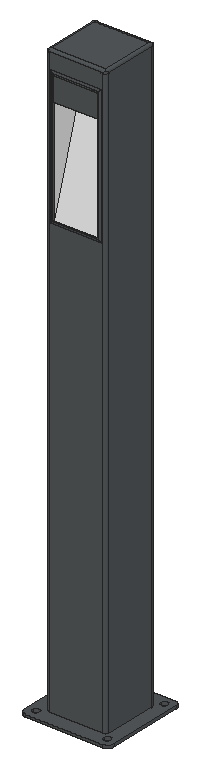
Revit family "svetilnik_alfresco_ar deko_dtu19", category Lighting Fixtures, Revit 2016 (continued)
Definition of nested family "Источник света Ар_Деко"
  Types (5, lengths in mm): name | Photometric Web File | built-in parameter 1150142
         0.2       0.2       0.2       0.2       0.2\r\n       0.2       0.2       0.2       0.2       0.2       0.2       0.2       0.2\r\n       0.2       0.2       0.2       0.2       0.2       0.2       0.2       0.2\r\n       0.2       0.2       0.2       0.2       0.2       0.2       0.2       0.2\r\n       0.2       0.2       0.2       0.2       0.2       0.2       0.2       0.2\r\n       0.2       0.2       0.2       0.2       0.2       0.2       0.2       0.2\r\n       0.2       0.2       0.2       0.2       0.2       0.2       0.2       0.2\r\n       0.2       0.1       0.1       0.2       0.1       0.1       0.1       0.1\r\n       0.1       0.1       0.0       0.0       0.0\r\n       0.0       0.0       0.2       0.1       0.1       0.1       0.1       0.1\r\n       0.2       0.3       0.2       0.2       0.2       0.2       0.2       0.2\r\n       0.2       0.2       0.2       0.2       0.2       0.3       1.3       3.6\r\n      10.0      17.1      40.0      56.4      68.6      79.0      87.5      97.4\r\n     107.3     118.9     132.1     141.1     157.2     173.8     181.2     191.7\r\n     190.9     190.7     187.8     187.4     184.6     182.9     180.9     176.5\r\n     173.2     170.9     168.8     166.4     163.0     160.2     156.6     153.7\r\n     149.8     145.1     141.7     138.6     135.2     131.5     127.0     123.0\r\n     118.3     114.2     109.5     105.5     101.3      96.5      89.5      79.0\r\n      67.9      58.9      52.7      46.2      40.9      34.4      29.9      23.7\r\n      20.6      15.8      11.1       7.6       3.5       0.5       0.2       0.2\r\n       0.2       0.2       0.2       0.2       0.2       0.2       0.2       0.2\r\n       0.2       0.2       0.2       0.2       0.2       0.2       0.2       0.2\r\n       0.2       0.2       0.2       0.2       0.2       0.2       0.2       0.2\r\n       0.2       0.2       0.2       0.2       0.2       0.2       0.2       0.2\r\n       0.2       0.2       0.2       0.2       0.2       0.2       0.2       0.2\r\n       0.2       0.2       0.2       0.2       0.2       0.2       0.2       0.2\r\n       0.2       0.2       0.2       0.2       0.2       0.2       0.2       0.2\r\n       0.2       0.2       0.2       0.2       0.2       0.2       0.2       0.2\r\n       0.2       0.2       0.2       0.2       0.2       0.2       0.2       0.2\r\n       0.2       0.2       0.2       0.2       0.2       0.2       0.2       0.2\r\n       0.2       0.1       0.1       0.2       0.1       0.1       0.1       0.1\r\n       0.1       0.1       0.0       0.0       0.0\r\n       0.0       0.0       0.2       0.1       0.1       0.1       0.1       0.1\r\n       0.2       0.3       0.2       0.2       0.2       0.2       0.2       0.2\r\n       0.2       0.2       0.2       0.2       0.2       0.2       0.3       0.3\r\n       1.2       3.5      10.6      18.6      38.5      49.6      59.8      69.8\r\n      81.6      92.1     100.2     110.6     122.2     135.2     152.3     162.8\r\n     169.4     176.4     182.5     181.1     180.5     177.5     174.8     173.6\r\n     170.0     166.8     162.3     157.9     154.0     150.7     148.2     144.8\r\n     140.2     135.8     132.5     129.1     125.9     122.0     117.4     113.3\r\n     109.1     104.7     100.7      96.8      92.7      88.3      83.3      78.3\r\n      71.0      61.1      51.7      44.9      38.4      33.5      27.6      24.0\r\n      19.0      15.7      11.3       7.5       4.7       1.7       0.4       0.2\r\n       0.2       0.2       0.2       0.2       0.2       0.2       0.2       0.2\r\n       0.2       0.2       0.2       0.2       0.2       0.2       0.2       0.2\r\n       0.2       0.2       0.2       0.2       0.2       0.2       0.2       0.2\r\n       0.2       0.2       0.2       0.2       0.2       0.2       0.2       0.2\r\n       0.2       0.2       0.2       0.2       0.2       0.2       0.2       0.2\r\n       0.2       0.2       0.2       0.2       0.2       0.2       0.2       0.2\r\n       0.2       0.2       0.2       0.2       0.2       0.2       0.2       0.2\r\n       0.2       0.2       0.2       0.2       0.2       0.2       0.2       0.2\r\n       0.2       0.2       0.2       0.2       0.2       0.2       0.2       0.2\r\n       0.2       0.2       0.2       0.2       0.2       0.2       0.2       0.2\r\n       0.2       0.1       0.1       0.2       0.1       0.1       0.1       0.1\r\n       0.1       0.1       0.0       0.0       0.0\r\n       0.0       0.0       0.2       0.1       0.1       0.1       0.1       0.1\r\n       0.2       0.3       0.2       0.2       0.2       0.2       0.2       0.2\r\n       0.2       0.2       0.2       0.2       0.2       0.2       0.2       0.2\r\n       0.2       0.6       1.2       2.3       6.1      21.1      31.6      40.6\r\n      54.9      66.2      76.5      82.7      90.2      99.3     108.0     114.3\r\n     116.9     126.4     129.4     127.7     125.0     123.2     119.6     117.0\r\n     115.0     113.8     111.1     110.3     111.3     111.6     110.2     108.3\r\n     106.7     105.5     103.0     100.2      97.3      94.0      91.5      88.4\r\n      85.1      81.9      78.8      75.6      71.8      68.2      64.4      60.2\r\n      56.2      50.2      42.6      34.2      27.7      23.3      19.6      15.3\r\n      12.3       9.0       6.6       3.9       2.2       0.6       0.2       0.2\r\n       0.2       0.2       0.2       0.2       0.2       0.2       0.2       0.2\r\n       0.2       0.2       0.2       0.2       0.2       0.2       0.2       0.2\r\n       0.2       0.2       0.2       0.2       0.2       0.2       0.2       0.2\r\n       0.2       0.2       0.2       0.2       0.2       0.2       0.2       0.2\r\n       0.2       0.2       0.2       0.2       0.2       0.2       0.2       0.2\r\n       0.2       0.2       0.2       0.2       0.2       0.2       0.2       0.2\r\n       0.2       0.2       0.2       0.2       0.2       0.2       0.2       0.2\r\n       0.2       0.2       0.2       0.2       0.2       0.2       0.2       0.2\r\n       0.2       0.2       0.2       0.2       0.2       0.2       0.2       0.2\r\n       0.2       0.2       0.2       0.2       0.2       0.2       0.2       0.2\r\n       0.2       0.1       0.1       0.2       0.1       0.1       0.1       0.1\r\n       0.1       0.1       0.0       0.0       0.0\r\n       0.0       0.0       0.2       0.1       0.1       0.1       0.1       0.1\r\n       0.2       0.3       0.2       0.2       0.2       0.2       0.2       0.2\r\n       0.2       0.2       0.2       0.2       0.2       0.2       0.2       0.2\r\n       0.2       0.2       0.2       0.2       0.4       2.5       3.7      10.9\r\n      18.7      24.8      39.3      54.0      61.9      70.8      74.3      78.5\r\n      82.3      87.6      89.2      88.3      87.5      84.5      82.3      80.1\r\n      77.8      76.9      75.9      74.6      72.8      71.9      70.8      68.9\r\n      66.6      65.0      63.5      62.7      61.3      59.3      57.7      55.9\r\n      54.1      52.6      50.3      47.7      45.3      43.3      41.0      38.1\r\n      35.3      32.8      30.2      26.3      20.0      14.6      10.6       7.4\r\n       5.3       3.4       2.0       1.2       0.4       0.2       0.2       0.2\r\n       0.2       0.2       0.2       0.2       0.2       0.2       0.2       0.2\r\n       0.2       0.2       0.2       0.2       0.2       0.2       0.2       0.2\r\n       0.2       0.2       0.2       0.2       0.2       0.2       0.2       0.2\r\n       0.2       0.2       0.2       0.2       0.2       0.2       0.2       0.2\r\n       0.2       0.2       0.2       0.2       0.2       0.2       0.2       0.2\r\n       0.2       0.2       0.2       0.2       0.2       0.2       0.2       0.2\r\n       0.2       0.2       0.2       0.2       0.2       0.2       0.2       0.2\r\n       0.2       0.2       0.2       0.2       0.2       0.2       0.2       0.2\r\n       0.2       0.2       0.2       0.2       0.2       0.2       0.2       0.2\r\n       0.3       0.3       0.2       0.2       0.2       0.2       0.2       0.2\r\n       0.2       0.1       0.1       0.2       0.1       0.1       0.1       0.1\r\n       0.1       0.1       0.0       0.0       0.0\r\n       0.0       0.0       0.2       0.1       0.1       0.1       0.1       0.1\r\n       0.2       0.3       0.2       0.2       0.2       0.2       0.2       0.2\r\n       0.2       0.2       0.2       0.2       0.2       0.2       0.2       0.2\r\n       0.2       0.2       0.2       0.2       0.2       0.2       0.2       1.0\r\n       1.7       5.4      10.8      10.5      17.5      38.3      42.5      44.2\r\n      46.3      48.2      49.8      48.8      45.9      44.1      42.7      42.3\r\n      43.4      43.0      42.0      41.2      41.0      40.0      39.1      38.4\r\n      38.4      39.1      39.1      37.9      36.7      35.9      34.6      33.2\r\n      31.7      30.2      28.7      26.7      25.1      23.7      22.3      20.9\r\n      19.5      18.3      17.2      15.9      14.3      10.5       5.3       3.4\r\n       2.3       1.2       0.5       0.3       0.2       0.2       0.2       0.2\r\n       0.2       0.2       0.2       0.2       0.2       0.2       0.2       0.2\r\n       0.2       0.2       0.2       0.2       0.2       0.2       0.2       0.2\r\n       0.2       0.2       0.2       0.2       0.2       0.2       0.2       0.2\r\n       0.2       0.2       0.2       0.2       0.2       0.2       0.2       0.2\r\n       0.2       0.2       0.2       0.2       0.2       0.2       0.2       0.2\r\n       0.2       0.2       0.2       0.2       0.2       0.2       0.2       0.2\r\n       0.2       0.2       0.2       0.2       0.2       0.2       0.2       0.2\r\n       0.2       0.2       0.2       0.2       0.2       0.2       0.2       0.2\r\n       0.2       0.2       0.2       0.2       0.2       0.2       0.2       0.2\r\n       0.3       0.3       0.2       0.2       0.2       0.2       0.2       0.2\r\n       0.2       0.1       0.1       0.2       0.1       0.1       0.1       0.1\r\n       0.1       0.1       0.0       0.0       0.0\r\n       0.0       0.0       0.2       0.1       0.1       0.1       0.1       0.1\r\n       0.2       0.3       0.2       0.2       0.2       0.2       0.2       0.2\r\n       0.2       0.2       0.2       0.2       0.2       0.2       0.2       0.2\r\n       0.2       0.2       0.2       0.2       0.2       0.2       0.2       0.2\r\n       0.2       0.5       0.9       0.7       1.6       2.6       3.1       2.1\r\n       2.4       3.3       4.8       6.5       8.1       9.6      11.1      12.3\r\n      13.3      13.0      13.1      11.9      10.3       8.4       7.4       7.0\r\n       6.7       5.6       4.5       3.9       3.7       3.6       3.3       2.7\r\n       2.2       1.6       1.0       0.7       0.4       0.4       0.4       0.4\r\n       0.4       0.5       0.5       0.5       0.6       0.5       0.5       0.3\r\n       0.2       0.2       0.2       0.2       0.2       0.2       0.2       0.2\r\n       0.2       0.2       0.2       0.2       0.2       0.2       0.2       0.2\r\n       0.2       0.2       0.2       0.2       0.2       0.2       0.2       0.2\r\n       0.2       0.2       0.2       0.2       0.2       0.2       0.2       0.2\r\n       0.2       0.2       0.2       0.2       0.2       0.2       0.2       0.2\r\n       0.2       0.2       0.2       0.2       0.2       0.2       0.2       0.2\r\n       0.2       0.2       0.2       0.2       0.2       0.2       0.2       0.2\r\n       0.2       0.2       0.2       0.2       0.2       0.2       0.2       0.2\r\n       0.2       0.2       0.2       0.2       0.2       0.2       0.2       0.2\r\n       0.2       0.2       0.2       0.2       0.2       0.2       0.2       0.2\r\n       0.2       0.2       0.2       0.2       0.2       0.2       0.2       0.2\r\n       0.2       0.1       0.1       0.1       0.1       0.1       0.1       0.1\r\n       0.1       0.1       0.0       0.0       0.0\r\n       0.0       0.0       0.2       0.1       0.1       0.1       0.1       0.1\r\n       0.2       0.3       0.2       0.2       0.2       0.2       0.2       0.2\r\n       0.2       0.2       0.2       0.2       0.2       0.2       0.2       0.2\r\n       0.2       0.2       0.2       0.2       0.2       0.2       0.2       0.2\r\n       0.2       0.2       0.2       0.2       0.2       0.2       0.3       0.2\r\n       0.2       0.2       0.3       0.3       0.4       0.4       0.4       0.4\r\n       0.4       0.3       0.3       0.3       0.3       0.3       0.3       0.3\r\n       0.2       0.2       0.2       0.2       0.2       0.2       0.2       0.2\r\n       0.2       0.2       0.2       0.2       0.2       0.2       0.2       0.2\r\n       0.2       0.2       0.2       0.2       0.2       0.2       0.2       0.2\r\n       0.2       0.2       0.2       0.2       0.2       0.2       0.2       0.2\r\n       0.2       0.2       0.2       0.2       0.2       0.2       0.2       0.2\r\n       0.2       0.2       0.2       0.2       0.2       0.2       0.2       0.2\r\n       0.2       0.2       0.2       0.2       0.2       0.2       0.2       0.2\r\n       0.2       0.2       0.2       0.2       0.2       0.2       0.2       0.2\r\n       0.2       0.2       0.2       0.2       0.2       0.2       0.2       0.2\r\n       0.2       0.2       0.2       0.2       0.2       0.2       0.2       0.2\r\n       0.2       0.2       0.2       0.2       0.2       0.2       0.2       0.2\r\n       0.2       0.2       0.2       0.2       0.2       0.2       0.2       0.2\r\n       0.2       0.2       0.2       0.2       0.2       0.2       0.2       0.2\r\n       0.2       0.2       0.2       0.2       0.2       0.2       0.2       0.2\r\n       0.2       0.1       0.1       0.1       0.1       0.1       0.1       0.1\r\n       0.1       0.1       0.0       0.0       0.0\r\n       0.0       0.0       0.1       0.1       0.1       0.1       0.1       0.1\r\n       0.2       0.3       0.2       0.2       0.2       0.2       0.2       0.2\r\n       0.2       0.2       0.2       0.2       0.2       0.2       0.2       0.2\r\n       0.2       0.2       0.2       0.2       0.2       0.2       0.2       0.2\r\n       0.2       0.2       0.2       0.2       0.2       0.2       0.2       0.2\r\n       0.2       0.2       0.2       0.2       0.2       0.2       0.2       0.2\r\n       0.2       0.2       0.2       0.2       0.2       0.2       0.2       0.2\r\n       0.2       0.2       0.2       0.2       0.2       0.2       0.2       0.2\r\n       0.2       0.2       0.2       0.2       0.2       0.2       0.2       0.2\r\n       0.2       0.2       0.2       0.2       0.2       0.2       0.2       0.2\r\n       0.2       0.2       0.2       0.2       0.2       0.2       0.2       0.2\r\n       0.2       0.2       0.2       0.2       0.2       0.2       0.2       0.2\r\n       0.2       0.2       0.2       0.2       0.2       0.2       0.2       0.2\r\n       0.2       0.2       0.2       0.2       0.2       0.2       0.2       0.2\r\n       0.2       0.2       0.2       0.2       0.2       0.2       0.2       0.2\r\n       0.2       0.2       0.2       0.2       0.2       0.2       0.2       0.2\r\n       0.2       0.2       0.2       0.2       0.2       0.2       0.2       0.2\r\n       0.2       0.2       0.2       0.2       0.2       0.2       0.2       0.2\r\n       0.2       0.2       0.2       0.2       0.2       0.2       0.2       0.2\r\n       0.2       0.2       0.2       0.2       0.2       0.2       0.2       0.2\r\n       0.2       0.2       0.2       0.2       0.2       0.2       0.2       0.2\r\n       0.2       0.1       0.1       0.1       0.1       0.1       0.1       0.1\r\n       0.1       0.1       0.0       0.0       0.0\r\n       0.0       0.0       0.1       0.1       0.1       0.1       0.1       0.1\r\n       0.2       0.3       0.2       0.2       0.2       0.2       0.2       0.2\r\n       0.2       0.2       0.2       0.2       0.2       0.2       0.2       0.2\r\n       0.2       0.2       0.2       0.2       0.2       0.2       0.2       0.2\r\n       0.2       0.2       0.2       0.2       0.2       0.2       0.2       0.2\r\n       0.2       0.2       0.2       0.2       0.2       0.2       0
      .2       0.2\r\n       0.2       0.2       0.2       0.2       0.2       0.2       0.2       0.2\r\n       0.2       0.2       0.2       0.2       0.2       0.2       0.2       0.2\r\n       0.2       0.2       0.2       0.2       0.2       0.2       0.2       0.2\r\n       0.2       0.2       0.2       0.2       0.2       0.2       0.2       0.2\r\n       0.2       0.2       0.2       0.2       0.2       0.2       0.2       0.2\r\n       0.2       0.2       0.2       0.2       0.2       0.2       0.2       0.2\r\n       0.2       0.2       0.2       0.2       0.2       0.2       0.2       0.2\r\n       0.2       0.2       0.2       0.2       0.2       0.2       0.2       0.2\r\n       0.2       0.2       0.2       0.2       0.2       0.2       0.2       0.2\r\n       0.2       0.2       0.2       0.2       0.2       0.2       0.2       0.2\r\n       0.2       0.2       0.2       0.2       0.2       0.2       0.2       0.2\r\n       0.2       0.2       0.2       0.2       0.2       0.2       0.2       0.2\r\n       0.2       0.2       0.2       0.2       0.2       0.2       0.2       0.2\r\n       0.2       0.2       0.2       0.2       0.2       0.2       0.2       0.2\r\n       0.2       0.2       0.2       0.2       0.2       0.2       0.2       0.2\r\n       0.2       0.1       0.1       0.1       0.1       0.1       0.1       0.1\r\n       0.1       0.1       0.0       0.0       0.0\r\n       0.0       0.0       0.1       0.1       0.1       0.1       0.1       0.1\r\n       0.2       0.3       0.2       0.2       0.2       0.2       0.2       0.2\r\n       0.2       0.2       0.2       0.2       0.2       0.2       0.2       0.2\r\n       0.2       0.2       0.2       0.2       0.2       0.2       0.2       0.2\r\n       0.2       0.2       0.2       0.2       0.2       0.2       0.2       0.2\r\n       0.2       0.2       0.2       0.2       0.2       0.2       0.2       0.2\r\n       0.2       0.2       0.2       0.2       0.2       0.2       0.2       0.2\r\n       0.2       0.2       0.2       0.2       0.2       0.2       0.2       0.2\r\n       0.2       0.2       0.2       0.2       0.2       0.2       0.2       0.2\r\n       0.2       0.2       0.2       0.2       0.2       0.2       0.2       0.2\r\n       0.2       0.2       0.2       0.2       0.2       0.2       0.2       0.2\r\n       0.2       0.2       0.2       0.2       0.2       0.2       0.2       0.2\r\n       0.2       0.2       0.2       0.2       0.2       0.2       0.2       0.2\r\n       0.2       0.2       0.2       0.2       0.2       0.2       0.2       0.2\r\n       0.2       0.2       0.2       0.2       0.2       0.2       0.2       0.2\r\n       0.2       0.2       0.2       0.2       0.2       0.2       0.2       0.2\r\n       0.2       0.2       0.2       0.2       0.2       0.2       0.2       0.2\r\n       0.2       0.2       0.2       0.2       0.2       0.2       0.2       0.2\r\n       0.2       0.2       0.2       0.2       0.2       0.2       0.2       0.2\r\n       0.2       0.2       0.2       0.2       0.2       0.2       0.2       0.2\r\n       0.2       0.2       0.2       0.2       0.2       0.2       0.2       0.2\r\n       0.2       0.1       0.1       0.1       0.1       0.1       0.1       0.1\r\n       0.1       0.1       0.0       0.0       0.0\r\n       0.0       0.0       0.1       0.1       0.1       0.1       0.1       0.1\r\n       0.2       0.3       0.2       0.2       0.2       0.2       0.2       0.2\r\n       0.2       0.2       0.2       0.2       0.2       0.2       0.2       0.2\r\n       0.2       0.2       0.2       0.2       0.2       0.2       0.2       0.2\r\n       0.3       0.2       0.2       0.2       0.2       0.2       0.2       0.2\r\n       0.2       0.2       0.3       0.2       0.2       0.2       0.2       0.2\r\n       0.2       0.2       0.2       0.2       0.2       0.2       0.2       0.2\r\n       0.2       0.2       0.2       0.2       0.2       0.2       0.3       0.2\r\n       0.2       0.2       0.2       0.2       0.2       0.2       0.2       0.2\r\n       0.2       0.2       0.2       0.2       0.2       0.2       0.2       0.2\r\n       0.2       0.2       0.2       0.2       0.2       0.2       0.2       0.2\r\n       0.2       0.2       0.2       0.2       0.2       0.2       0.2       0.2\r\n       0.2       0.2       0.2       0.2       0.2       0.2       0.2       0.2\r\n       0.2       0.2       0.2       0.2       0.2       0.2       0.2       0.2\r\n       0.2       0.2       0.2       0.2       0.2       0.2       0.2       0.2\r\n       0.2       0.2       0.2       0.2       0.2       0.2       0.2       0.2\r\n       0.2       0.2       0.2       0.2       0.2       0.2       0.2       0.2\r\n       0.2       0.2       0.2       0.2       0.2       0.2       0.2       0.2\r\n       0.2       0.2       0.2       0.2       0.2       0.2       0.2       0.2\r\n       0.2       0.2       0.2       0.2       0.2       0.2       0.2       0.2\r\n       0.2       0.2       0.2       0.2       0.2       0.2       0.2       0.2\r\n       0.2       0.1       0.1       0.1       0.1       0.1       0.1       0.1\r\n       0.1       0.1       0.0       0.0       0.0\r\n       0.0       0.0       0.1       0.1       0.1       0.1       0.1       0.1\r\n       0.2       0.3       0.2       0.2       0.2       0.2       0.2       0.2\r\n       0.2       0.2       0.2       0.2       0.2       0.2       0.2       0.2\r\n       0.2       0.2       0.2       0.2       0.2       0.2       0.2       0.2\r\n       0.2       0.2       0.2       0.2       0.2       0.3       0.3       0.2\r\n       0.2       0.2       0.2       0.4       0.3       0.2       0.2       0.2\r\n       0.2       0.2       0.2       0.2       0.2       0.2       0.2       0.2\r\n       0.2       0.2       0.2       0.2       0.2       0.2       0.2       0.2\r\n       0.2       0.2       0.2       0.2       0.2       0.2       0.2       0.2\r\n       0.2       0.2       0.2       0.2       0.2       0.2       0.2       0.2\r\n       0.2       0.2       0.2       0.2       0.2       0.2       0.2       0.2\r\n       0.2       0.2       0.2       0.2       0.2       0.2       0.2       0.2\r\n       0.2       0.2       0.2       0.2       0.2       0.2       0.2       0.2\r\n       0.2       0.2       0.2       0.2       0.2       0.2       0.2       0.2\r\n       0.2       0.2       0.2       0.2       0.2       0.3       0.2       0.2\r\n       0.2       0.2       0.2       0.2       0.2       0.2       0.2       0.2\r\n       0.2       0.2       0.2       0.2       0.2       0.2       0.2       0.2\r\n       0.2       0.2       0.2       0.2       0.2       0.2       0.2       0.2\r\n       0.2       0.2       0.2       0.2       0.2       0.2       0.2       0.2\r\n       0.2       0.2       0.2       0.2       0.2       0.2       0.2       0.2\r\n       0.2       0.2       0.2       0.2       0.2       0.2       0.2       0.2\r\n       0.2       0.1       0.1       0.1       0.1       0.1       0.1       0.1\r\n       0.1       0.1       0.0       0.0       0.0\r\n       0.0       0.0       0.1       0.1       0.1       0.1       0.1       0.1\r\n       0.2       0.3       0.2       0.2       0.2       0.2       0.2       0.2\r\n       0.2       0.2       0.2       0.2       0.2       0.2       0.2       0.2\r\n       0.2       0.2       0.2       0.2       0.2       0.2       0.2       0.2\r\n       0.2       0.2       0.2       0.2       0.2       0.3       0.2       0.2\r\n       0.2       0.2       0.2       0.3       0.2       0.2       0.2       0.2\r\n       0.2       0.2       0.2       0.2       0.2       0.2       0.2       0.2\r\n       0.2       0.2       0.2       0.2       0.2       0.2       0.2       0.2\r\n       0.2       0.2       0.2       0.2       0.2       0.2       0.2       0.2\r\n       0.2       0.2       0.2       0.2       0.2       0.2       0.2       0.2\r\n       0.2       0.2       0.2       0.2       0.2       0.2       0.2       0.2\r\n       0.2       0.2       0.2       0.2       0.2       0.2       0.2       0.2\r\n       0.2       0.2       0.2       0.2       0.2       0.2       0.2       0.2\r\n       0.2       0.2       0.2       0.2       0.2       0.2       0.2       0.2\r\n       0.2       0.2       0.2       0.2       0.2       0.4       0.2       0.2\r\n       0.2       0.2       0.2       0.2       0.2       0.2       0.2       0.2\r\n       0.2       0.2       0.2       0.2       0.2       0.2       0.2       0.2\r\n       0.2       0.2       0.2       0.2       0.2       0.2       0.2       0.2\r\n       0.2       0.2       0.2       0.2       0.2       0.2       0.2       0.2\r\n       0.2       0.2       0.2       0.2       0.2       0.2       0.2       0.2\r\n       0.2       0.2       0.2       0.2       0.2       0.2       0.2       0.2\r\n       0.2       0.1       0.1       0.1       0.1       0.1       0.1       0.1\r\n       0.1       0.1       0.0       0.0       0.0\r\n       0.0       0.0       0.1       0.1       0.1       0.1       0.1       0.1\r\n       0.2       0.2       0.2       0.2       0.2       0.2       0.2       0.2\r\n       0.2       0.2       0.2       0.2       0.2       0.2       0.2       0.2\r\n       0.2       0.2       0.2       0.2       0.2       0.2       0.2       0.2\r\n       0.2       0.2       0.2       0.2       0.2       0.2       0.2       0.2\r\n       0.2       0.2       0.2       0.2       0.2       0.2       0.2       0.2\r\n       0.2       0.2       0.2       0.2       0.2       0.2       0.2       0.2\r\n       0.2       0.2       0.2       0.2       0.2       0.2       0.2       0.2\r\n       0.2       0.2       0.2       0.2       0.2       0.2       0.2       0.2\r\n       0.2       0.2       0.2       0.2       0.2       0.2       0.2       0.2\r\n       0.2       0.2       0.2       0.2       0.2       0.2       0.2       0.2\r\n       0.2       0.2       0.2       0.2       0.2       0.2       0.2       0.2\r\n       0.2       0.2       0.2       0.2       0.2       0.2       0.2       0.2\r\n       0.2       0.2       0.2       0.2       0.2       0.2       0.2       0.2\r\n       0.2       0.2       0.2       0.2       0.2       0.2       0.2       0.2\r\n       0.2       0.2       0.2       0.2       0.2       0.2       0.2       0.2\r\n       0.2       0.2       0.2       0.2       0.2       0.2       0.2       0.2\r\n       0.2       0.2       0.2       0.2       0.2       0.2       0.2       0.2\r\n       0.2       0.2       0.2       0.2       0.2       0.2       0.2       0.2\r\n       0.2       0.2       0.2       0.2       0.2       0.2       0.2       0.2\r\n       0.2       0.2       0.2       0.2       0.2       0.2       0.2       0.2\r\n       0.2       0.1       0.1       0.1       0.1       0.1       0.1       0.1\r\n       0.1       0.1       0.0       0.0       0.0\r\n       0.0       0.0       0.1       0.1       0.1       0.1       0.1       0.1\r\n       0.2       0.2       0.2       0.2       0.2       0.2       0.2       0.2\r\n       0.2       0.2       0.2       0.2       0.2       0.2       0.2       0.2\r\n       0.2       0.2       0.2       0.2       0.2       0.2       0.2       0.2\r\n       0.2       0.2       0.2       0.2       0.2       0.2       0.2       0.2\r\n       0.2       0.2       0.2       0.2       0.2       0.2       0.2       0.2\r\n       0.2       0.2       0.2       0.2       0.2       0.2       0.2       0.2\r\n       0.2       0.2       0.2       0.2       0.2       0.2       0.2       0.2\r\n       0.2       0.2       0.2       0.2       0.2       0.2       0.2       0.2\r\n       0.2       0.2       0.2       0.2       0.2       0.2       0.2       0.2\r\n       0.2       0.2       0.2       0.2       0.2       0.2       0.2       0.2\r\n       0.2       0.2       0.2       0.2       0.2       0.2       0.2       0.2\r\n       0.2       0.2       0.2       0.2       0.2       0.2       0.2       0.2\r\n       0.2       0.2       0.2       0.2       0.2       0.2       0.2       0.2\r\n       0.2       0.2       0.2       0.2       0.2       0.2       0.2       0.2\r\n       0.2       0.2       0.2       0.2       0.2       0.2       0.2       0.2\r\n       0.2       0.2       0.2       0.2       0.2       0.2       0.2       0.2\r\n       0.2       0.2       0.2       0.2       0.2       0.2       0.2       0.2\r\n       0.2       0.2       0.2       0.2       0.2       0.2       0.2       0.2\r\n       0.2       0.2       0.2       0.2       0.2       0.2       0.2       0.2\r\n       0.2       0.2       0.2       0.2       0.2       0.2       0.2       0.2\r\n       0.2       0.1       0.1       0.1       0.1       0.1       0.1       0.1\r\n       0.1       0.1       0.0       0.0       0.0\r\n       0.0       0.0       0.1       0.1       0.1       0.1       0.1       0.1\r\n       0.2       0.2       0.2       0.2       0.2       0.2       0.2       0.2\r\n       0.2       0.2       0.2       0.2       0.2       0.2       0.2       0.2\r\n       0.2       0.2       0.2       0.2       0.2       0.2       0.2       0.2\r\n       0.2       0.2       0.2       0.2       0.2       0.2       0.2       0.2\r\n       0.2       0.2       0.2       0.2       0.2       0.2       0.2       0.2\r\n       0.2       0.2       0.2       0.2       0.2       0.2       0.2       0.2\r\n       0.2       0.2       0.2       0.2       0.2       0.2       0.2       0.2\r\n       0.2       0.2       0.2       0.2       0.2       0.2       0.2       0.2\r\n       0.2       0.2       0.2       0.2       0.2       0.2       0.2       0.2\r\n       0.2       0.2       0.2       0.2       0.2       0.2       0.2       0.2\r\n       0.2       0.2       0.2       0.2       0.2       0.2       0.2       0.2\r\n       0.2       0.2       0.2       0.2       0.2       0.2       0.2       0.2\r\n       0.2       0.2       0.2       0.2       0.2       0.2       0.2       0.2\r\n       0.2       0.2       0.2       0.2       0.2       0.2       0.2       0.2\r\n       0.2       0.2       0.2       0.2       0.2       0.2       0.2       0.2\r\n       0.2       0.2       0.2       0.2       0.2       0.2       0.2       0.2\r\n       0.2       0.2       0.2       0.2       0.2       0.2       0.2       0.2\r\n       0.2       0.2       0.2       0.2       0.2       0.2       0.2       0.2\r\n       0.2       0.2       0.2       0.2       0.2       0.2       0.2       0.2\r\n       0.2       0.2       0.2       0.2       0.2       0.2       0.2       0.2\r\n       0.2       0.1       0.1       0.1       0.1       0.1       0.1       0.1\r\n       0.1       0.1       0.0       0.0       0.0\r\n       0.0       0.0       0.1       0.1       0.1       0.1       0.1       0.1\r\n       0.2       0.2       0.2       0.2       0.2       0.2       0.2       0.2\r\n       0.2       0.2       0.2       0.2       0.2       0.2       0.2       0.2\r\n       0.2       0.2       0.2       0.2       0.2       0.2       0.2       0.2\r\n       0.2       0.2       0.2       0.2       0.2       0.2       0.2       0.2\r\n       0.2       0.2       0.2       0.2       0.2       0.2       0.2       0.2\r\n       0.2       0.2       0.2       0.2       0.2       0.2       0.2       0.2\r\n       0.2       0.2       0.2       0.2       0.2       0.2       0.2       0.2\r\n       0.2       0.2       0.2       0.2       0.2       0.2       0.2       0.2\r\n       0.2       0.2       0.2       0.2       0.2       0.2       0.2       0.2\r\n       0.2       0.2       0.2       0.2       0.2       0.2       0.2       0.2\r\n       0.2       0.2       0.2       0.2       0.2       0.2       0.2       0.2\r\n       0.2       0.2       0.2       0.2       0.2       0.2       0.2       0.2\r\n       0.2       0.2       0.2       0.2       0.2       0.2       0.2       0.2\r\n       0.2       0.2       0.2       0.2       0.2       0.2       0.2       0.2\r\n       0.2       0.2       0.2       0.2       0.2       0.2       0.2       0.2\r\n       0.2       0.2       0.2       0.2       0.2       0.2       0.2       0.2\r\n       0.2       0.2       0.2       0.2       0.2       0.2       0.2       0.2\r\n       0.2       0.2       0.2       0.2       0.2       0.2       0.2       0.2\r\n       0.2       0.2       0.2       0.2       0.2       0.2       0.2  
